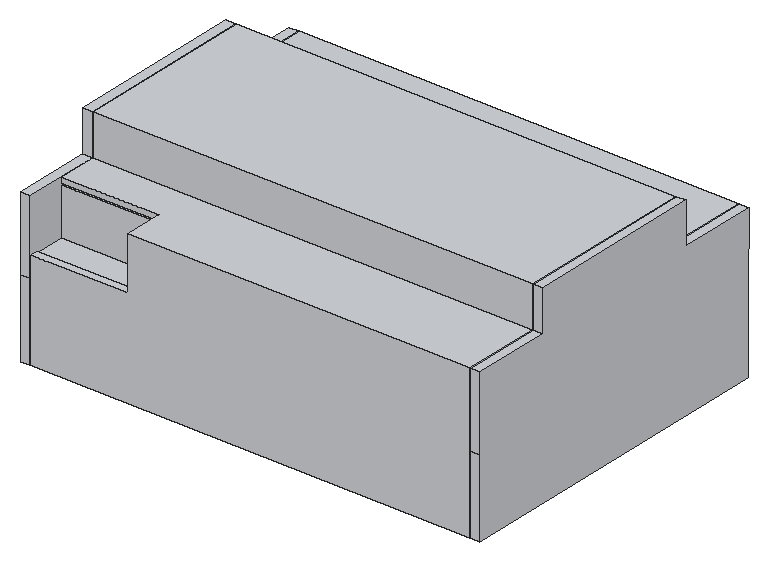
Revit family "Gira_530100", category Electrical Fixtures, host Face, Revit 2017
Family settings
  Host = Face
  Maintain Annotation Orientation = No
  Round Connector Dimension = Use Diameter
  Part Type = Normal
  Cut with Voids When Loaded = No
  Shared = No
  Room Calculation Point = No
Parameters (values of type "Server DRA Gira eNet")
  URL = "https://www.gira.de/"
  Type Comments = ""
  Model = ""
  Manufacturer = "Gira"
  Keynote = ""
  HeinzeBIM = "https://www.heinze.de/bim/server-dra-gira-enet/34688062b31a76825875535aa20c87b21f15bcc9"
  HAN = "530100"
  GTIN = "4010337591306"
  Description = "Server DRA eNet eNet Server,DRA Features: - Operation with eNet SMART HOME app for Apple iOS or Android or with Gira G1. - Visualisation of the Gira interface via Gira Control 9 Client. - Fully encrypted wireless transmission (AES CCM 128-bit) from eNet Server software version 2.0. - Compatible with smart heating control of tado as of eNet Server software version 2.1 - Wireless transmitter and wireless receiver for max. 32 eNet wireless DIN-rail mounting devices (eNet wireless receiver module DRA is not required). - Internal eNet wireless and WLAN antenna. - External eNet wireless and WLAN antennas can be connected. - Functions: Switching or pressing, dimming, blind. - Energy management, scenes, connections, timers, if-then rules - Updates and configures eNet SMART HOME devices. - Integrated telegram recording for diagnostics. - Automatically generated project documentation. - Optional remote access via My-eNet portal is compatible to IPv4 and IPv6.,Notes : - The eNet server should be installed at a central location, where possible (e.g. ground floor) in order to guarantee good reception quality. - Installation in a distribution box or sub-distribution with a metal housing requires an additional antenna. The additional antenna is to be placed outside the metal housing. - The server is started up using the eNet SMART HOME connect web interface. To start up the server via the web interface, the start-up computer must have a current browser (e.g. Mozilla Firefox, Microsoft Internet Explorer, Edge, Safari, or Chrome). - The power supply is required for power supply when installed. - Installation on top-hat rail. - Not compatible with the Gira wireless bus system."
  Default Elevation = 1219.2 mm
  Cost = 0
  BIMSITE_PRODUCT_ID = "34688062b31a76825875535aa20c87b21f15bcc9"
  BIM = "https://media.live.bim.site/t/eyJhbGciOiJIUzI1NiIsInR5cCI6IkpXVCJ9.eyJjdCI6MSwidGYiOiJwdWJsaWMvZ2lyYS8wOWY1ZGI1LzUzMDEgMDBfUkVHIDYucmZhIiwiY2lkIjoiZmVkOThlOWEtMWJkOC00YzY4LWE3M2ItNzRhOTRlMzE1ODIzIiwicmlkIjoiODhjM2NmMTJhYzM0MjgzZDAwNjRlNTIyMDc2YWZmYWYiLCJwaWQiOiIzNDY4ODA2MmIzMWE3NjgyNTg3NTUzNWFhMjBjODdiMjFmMTViY2M5Iiwic2lkIjoiNjM0NzAiLCJ1dCI6NSwibGMiOiJlbiIsImlhdCI6MTYwNzQ0MTgzMSwiaXNzIjoiaHR0cHM6Ly9hcGkubGl2ZS5iaW0uc2l0ZSIsInN1YiI6IjhkM2FhNWNiLWUwNjYtNDU5OC1iZTE2LTZlMTZlZTc0OTU2YSJ9.UPKJnfwkZwckuGqs4Ux5GqUYCkgMlZsZfjdVMEybBhA/5301 00_REG 6.rfa"
  Assembly Code = ""
Reference planes
  plane 1 "Center (Front/Back)": y = 0
  plane 2: z = 0
  plane 3 "Center (Left/Right)": x = 0
Forms (mm)
  Extrusion 1, solid, detail levels fine
    sketch origin (0, 0, 0) x (0, 1, 0) y (0, 0, 1)
      loop
        line (23, 49.5) -> (-23, 49.5) -> (-23, 39) -> (-43, 39) -> (-43, 0) -> (-41, 0) -> (-41, 37.5) -> (-21.5, 37.5) -> (-21.5, 45.5) -> (21.5, 45.5) -> (21.5, 37.5) -> (41, 37.5) -> (41, 0) -> (43, 0) -> (43, 39) -> (23, 39) -> (23, 49.5)
    from -56.45 to 56.45
  Extrusion 2, solid, detail levels fine
    sketch origin (-19.55, 0, 0) x (0, 1, 0) y (0, 0, 1)
      loop
        line (23, 49.5) -> (-23, 49.5) -> (-23, 39) -> (-43, 39) -> (-43, 20) -> (-43, 0) -> (43, 0) -> (43, 20) -> (43, 39) -> (23, 39) -> (23, 49.5)
    from 76 to 78.5
  Extrusion 3, solid, detail levels fine
    sketch origin (19.55, 0, 0) x (0, 1, 0) y (0, 0, -1)
      loop
        line (23, -49.5) -> (23, -39) -> (43, -39) -> (43, -20) -> (43, 0) -> (-43, 0) -> (-43, -20) -> (-43, -39) -> (-23, -39) -> (-23, -49.5) -> (23, -49.5)
    from 76 to 78.5
  Extrusion 4, solid, detail levels medium
    sketch origin (0, 0, 0) x (0, 1, 0) y (0, 0, 1)
      loop
        line (23, 49.5) -> (-23, 49.5) -> (-23, 39) -> (-43, 39) -> (-43, 20) -> (-43, 0) -> (43, 0) -> (43, 20) -> (43, 39) -> (23, 39) -> (23, 49.5)
    from -58.95 to 58.95
  Extrusion 5, void
    sketch origin (0, 0, 0) x (1, 0, 0) y (0, 1, 0)
      loop
        line (-56.45, -43) -> (-31.45, -43) -> (-31.45, -33) -> (-56.45, -33) -> (-56.45, -43)
    from 25.421 to 39
  Extrusion 6, solid, detail levels coarse
    sketch origin (0, 0, 0) x (1, 0, 0) y (0, 1, 0)
      loop
        line (-58.95, -43) -> (58.95, -43) -> (58.95, 43) -> (-58.95, 43) -> (-58.95, -43)
    from 0 to 49.5
  Extrusion 7, solid
    sketch origin (0, 0, -0.421) x (0, 1, 0) y (0, 0, 1)
      loop
        line (-33, 37.5) -> (-33, 25.421) -> (-41, 25.421) -> (-41, 23.921) -> (-31.503, 23.921) -> (-31.503, 37.5) -> (-33, 37.5)
    from -56.45 to -31.45
Cuts and joins
  Extrusion 5 cuts Extrusion 1
  Extrusion 5 cuts Extrusion 3
  Extrusion 5 cuts Extrusion 4
Dimensions and locks
  aligned and locked: plane 2 to host face
  aligned and locked: level to host face
